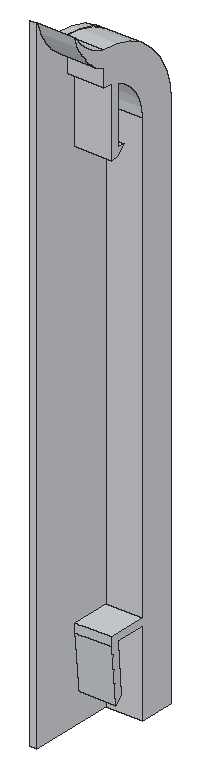
Revit family "HansWeitzel_173", category Allgemeines Modell, Revit 2017
Family settings
  Basisbauteil = Wand
  Kann Basisbauteil für Bewehrung sein = Nein
  Bemaßung runder Anschluss = Durchmesser verwenden
  Teiletyp = Normal
  Immer vertikal = Ja
  Beim Laden mit Abzugskörper schneiden = Nein
  Gemeinsam genutzt = Nein
  Raumberechnungspunkt = Nein
Parameters
  max. Betriebstemperatur (°C) = 90
  Werkstoff = "Polystyrol"
  Wandmontage möglich = yes
  Typname = "HZ-Stoßverbinder BLF Eiche dunkel"
  Tiefe (mm) = 30
  Profilart = "Anschlussprofi"
  Menge pro Verpackungseinheit = 10
  Ist Zubehör = no
  Ist System = no
  Höhe [mm] = 93
  Hersteller = "Hans Weitzel GmbH & Co. KG"
  HeinzeBIM = "https://www.heinze.de/bim/hz-stossverbinder-blf-eiche-dunkel/5157a02846f7619c61036a76117705d543952f7b"
  HAN = "173"
  Gewicht unverpackt (netto) [kg] = 0.008
  GTIN = "4022023202519"
  Farbton = "Holzart/Holzdekor"
  Dekor = "Eiche dunkel"
  Breite [mm] = 40
  Beschreibung = "HZ-Stoßverbinder BLF Eiche dunkel Formteil an Sollbruchstelle einkürzen"
  BIMSITE_PRODUCT_ID = "5157a02846f7619c61036a76117705d543952f7b"
  BIM = "https://media.live.bim.site/t/eyJhbGciOiJIUzI1NiIsInR5cCI6IkpXVCJ9.eyJjdCI6MSwidGYiOiJwdWJsaWMvaGFucy13ZWl0emVsLWdtYmgtY28ta2cvMjI1MGEyZS9IWl9CTEZfU3Rvc3N2ZXJiaW5kZXJfQmxpbmRsLnJmYSIsImNpZCI6ImZlZDk4ZTlhLTFiZDgtNGM2OC1hNzNiLTc0YTk0ZTMxNTgyMyIsInJpZCI6ImYxYWIxMzgwMjdmMTYwYmE4YzQ4ZTk4ZDM3YjY4YTc5IiwicGlkIjoiNTE1N2EwMjg0NmY3NjE5YzYxMDM2YTc2MTE3NzA1ZDU0Mzk1MmY3YiIsInNpZCI6IjYzNTU4IiwidXQiOjUsImxjIjoiZGUiLCJpYXQiOjE1ODAyMDY5MTcsImlzcyI6Imh0dHBzOi8vYXBpLmxpdmUuYmltLnNpdGUiLCJzdWIiOiJmNTg2YzRiNi1hNTA4LTQyN2EtOTgxOC0xMzE3OTY2NTc2YmMifQ.BGNuzeBsOL4J3Gvfho5Yx1zo5FcWn8EajaFbI4N4jBk/HZ_BLF_Stossverbinder_Blindl.rfa"
Reference planes
  plane 1: y = 0
  plane 2 "Center (Left/Right)": x = 0
  plane 3 "Wall Edge": y = 76.2
Text (mm)
  text "Placement Side" at (0, 1019.848, 3124.603), in view "Right"
  text "Placement Side" at (-1787.662, 723.012, 0), in view "Ref. Level"
  text "Placement Side" at (0, 2073.289, 3571.227), in view "Left"
Dimensions and locks
  locked: plane 3 "Wall Edge" to host wall
  aligned and locked: plane 3 "Wall Edge" to nested 1
Nested families
  nested 1: "HZ_BLF_Stossverbinder_Blindl" at (1, 76.2, 0), type "HZ_BLF_Stossverbinder_Blindl"
Definition of nested family "HZ_BLF_Stossverbinder_Blindl"
  Reference planes
    plane 1 "Center (Front/Back)": y = 0
    plane 2: z = 0
    plane 3 "Center (Left/Right)": x = 0
  Forms (mm)
    Extrusion 1, solid
      sketch origin (0, 0, 0) x (0, 1, 0) y (0, 0, 1)
        loop
          arc (16, 72) -> (12.727, 79.83) -> (4.854, 82.999) r 11
          arc (4.854, 82.999) -> (2.091, 84.316) -> (0, 86.553) r 8.222
          arc (0, 86.553) -> (1.757, 83.087) -> (4.851, 80.736) r 8.67
          line (4.851, 80.736) -> (4.851, 78.472)
          arc (4.851, 78.472) -> (5.499, 78.442) -> (6.14, 78.346) r 6.5
          line (6.14, 78.346) -> (6.14, 69.232) -> (7.064, 69.232) -> (8.141, 70.371) -> (7.148, 70.371) -> (7.148, 78.059)
          arc (7.148, 78.059) -> (10.208, 75.675) -> (11.366, 71.972) r 6.5
          line (11.366, 71.972) -> (11.366, 12.318) -> (6.13, 12.318) -> (6.13, 11.14) -> (6.85, 3.802) -> (7.723, 4.72) -> (7.157, 11.4) -> (11.366, 11.4) -> (11.366, 0) -> (16, 0) -> (16, 72)
      from 0 to 5
    Extrusion 2, solid
      sketch origin (-1, 0, 0) x (0, 1, 0) y (0, 0, 1)
        loop
          line (16, 0) -> (16, 72)
          arc (16, 72) -> (12.727, 79.83) -> (4.854, 82.999) r 11
          arc (4.854, 82.999) -> (2.091, 84.316) -> (0, 86.553) r 8.222
          line (0, 86.553) -> (0, 0) -> (16, 0)
      from 0 to 1
  Dimensions and locks
    aligned and locked: plane 2 to level
